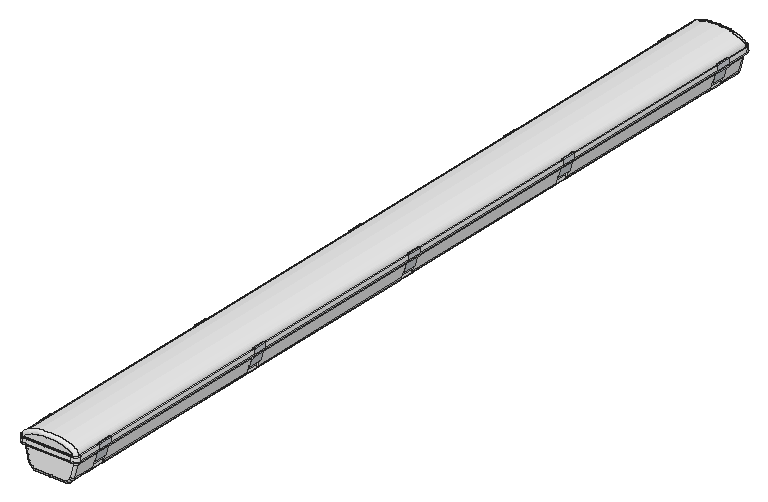
Revit family "0068084", category Lighting Fixtures, host Face, Revit 2017
Family settings
  Host = Face
  Round Connector Dimension = Use Diameter
  Part Type = Normal
  OmniClass Number = 23.80.70.11.14
  OmniClass Title = General Luminaries, Directional
  Cut with Voids When Loaded = Yes
  Light Source = Yes
  Shared = No
  Room Calculation Point = No
Parameters
  Width = 110 mm
  Weight = "2.49 kg"
  Wattage Comments = "n/a"
  Wattage = 63 W
  WarrantyStartDate [instance] = "n/a"
  WarrantyGuarantorParts = "n/a"
  WarrantyDurationUnit = "n/a"
  WarrantyDurationParts = "n/a"
  WarrantyDescription = "n/a"
  built-in parameter 1150110 = 1 (stored number, unit not read)
  Voltage = 230 V
  URL = "https://www.sylvania-lighting.com/"
  TypeName = "START WATERPROOF TWIN 1500 HO IP65 8300LM 840"
  Type Image = <None>
  Type Comments = "n/a"
  built-in parameter 1114217 = 1 (stored number, unit not read)
  Tilt Angle = -90.00°
  built-in parameter 1150109 = 1 (stored number, unit not read)
  built-in parameter 1150134 = 12
  built-in parameter 1150113 = 1 (stored number, unit not read)
  SerialNumber [instance] = "n/a"
  ReflectorMaterial = none
  PowerFactor = 0.9
  PowerConsumption = "67 W"
  Photometric Web File = "0068084.ies"
  NominalWidth = 0 mm
  NominalLength = 1578 mm
  NominalHeight = 78 mm
  Name = "START WATERPROOF TWIN 1500 HO IP65 8300LM 840"
  ModelReference = "START WATERPROOF TWIN 1500 HO IP65 8300LM 840"
  ModelNumber = "0048625"
  Model = "START WATERPROOF TWIN 1500 HO IP65 8300LM 840"
  Material = "polycarbonate housing, polycarbonate diffuser"
  ManufacturerName = "Feilo Sylvania"
  Manufacturer = "Feilo Sylvania"
  LuminousEfficacy = "124 lm/W"
  built-in parameter 1150105 = 621.66 (stored number, unit not read)
  Lumens = 7812 lm
  LuminaireType = "Weatherproof"
  built-in parameter 1150115 = 1 (stored number, unit not read)
  LightOutputRatio = "n/a"
  built-in parameter 1150137 = (empty or 0)
  built-in parameter 1150139 = (empty or 0)
  Length = 1572 mm
  LampsType = Lamp  # "LED"
  LampNominalLuminous = "8500 lm"
  LampMacAdamStep = "3"
  LampColourTemperature = "4000 K"
  LampColourRenderingIndex = "80"
  built-in parameter 1150112 = 1 (stored number, unit not read)
  built-in parameter 1150114 = 1 (stored number, unit not read)
  Lamp = "LED"
  Keynote = "16500"
  InstallationDate [instance] = "n/a"
  InputVoltage = "220-240V~"
  InputNominalFrequency = "50/60 Hz"
  built-in parameter 1150132 = (empty or 0)
  built-in parameter 1150102 = (empty or 0)
  built-in parameter 1150107 = 4000 (stored number, unit not read)
  built-in parameter 1150138 = (empty or 0)
  IngressProtection = "IP65"
  ImpactProtectionIndex = "IK08"
  built-in parameter 1150106 = 6.2166 (stored number, unit not read)
  IfcExportType = "IfcLightFixtureType"
  IfcExportAs = "IfcLightFixtureType"
  ExpectedLife = 50000
  Emit from Rectangle Width = Width - 20 mm  # 90 mm
  Emit from Rectangle Length = Length - 20 mm  # 1552 mm
  Emit Shape Visible in Rendering = no
  ElectricShockClassification = "Class I"
  built-in parameter 1150104 = 11.52 (stored number, unit not read)
  DurationUnit = "hours"
  DocumentationLiterature = "https://www.sylvania-lighting.com/product/en-int/products/0048625/"
  DimmingControlOptions = "Non dimmable"
  Dimming Lamp Color Temperature Shift = <None>
  DiffuserMaterial = Diffuser-Sylvania-Transparent
  Description = ""
  Default Elevation = 1219.2 mm
  CreatedOn = "11/9/2017"
  CreatedBy = ""
  Cost = 0
  Color Filter = 16777215
  built-in parameter 1114216 [instance] = (empty or 0)
  ClassificationValue = "EF_70_80"
  ClassificationName = "Uniclass2015"
  BodyMaterial = Body-Sylvania-Gray
  BarCode [instance] = "n/a"
  built-in parameter 1114218 = 1 (stored number, unit not read)
  built-in parameter 1150133 = 10 (stored number, unit not read)
  AssetType = "Fixed"
  AssetIdentifier [instance] = "n/a"
  Assembly Code = "D5020200"
  Apparent Load = 67 VA
  AccessoryMaterial = Diffuser-Sylvania-Glow
Reference planes
  plane 1 "Center (Front/Back)": y = 0
  plane 2: z = 0
  plane 3 "Center (Left/Right)": x = 0
  plane 4: z = 54
  plane 5: x = -27.7
  plane 6: x = -34.8
  plane 7: x = -39.6
  plane 8: x = -42.2
  plane 9: z = 3
  plane 10: z = 7.8
  plane 11: z = 12.3
  plane 12: z = 36.6
  plane 13: z = 42.8
  plane 14: x = -51.1
  plane 15: z = 46.2
  plane 16: x = -55
  plane 17: y = 786
  plane 18: y = -786
  plane 19: x = 27.7
  plane 20: x = 34.8
  plane 21: x = 39.6
  plane 22: x = 42.2
  plane 23: x = 51.1
  plane 24: x = 55
  plane 25: y = 778.4
  plane 26: y = -778.4
  plane 27: y = -774.7
  plane 28: y = 774.7
  plane 29: z = 74
  plane 30: x = -51.5
  plane 31: x = 51.5
  plane 32: z = 55.2
  plane 33: y = -782.5
  plane 34: y = 782.5
  plane 35: x = -37.5
  plane 36: x = 37.5
  plane 37: x = -48.7
  plane 38: x = 48.7
  plane 39: x = 18
  plane 40: x = -18
  plane 41: z = 50.2
  plane 42: z = 24.6
  plane 43: y = 720
  plane 44: y = 706
  plane 45: y = 734
  plane 46: y = -720
  plane 47: y = 720
  plane 48: y = 706
  plane 49: y = 734
  plane 50: y = -720
  plane 51: y = -734
  plane 52: y = -706
  plane 53: y = 360
  plane 54: y = 346
  plane 55: y = 374
  plane 56: y = 0
  plane 57: y = -14
  plane 58: y = 14
  plane 59: y = -360
  plane 60: y = -374
  plane 61: y = -346
Forms (mm)
  Sweep 1, solid, material "Body-Sylvania-Gray" <- "BodyMaterial", detail levels medium+fine
    path origin (1223.4, -4572, 54) x (0, -1, 0) y (1, 0, 0)
      loop
        arc (-3796, -1278.4) -> (-3788.929, -1275.471) -> (-3786, -1268.4) r 10
        line (-3786, -1268.4) -> (-3786, -1178.4)
        arc (-3786, -1178.4) -> (-3788.929, -1171.329) -> (-3796, -1168.4) r 10
        line (-3796, -1168.4) -> (-5348, -1168.4)
        arc (-5348, -1168.4) -> (-5355.071, -1171.329) -> (-5358, -1178.4) r 10
        line (-5358, -1178.4) -> (-5358, -1268.4)
        arc (-5358, -1268.4) -> (-5355.071, -1275.471) -> (-5348, -1278.4) r 10
        line (-5348, -1278.4) -> (-3796, -1278.4)
    profile origin (-55, 0, 54) x (-1, 0, 0) y (0, 0, 1)
      loop
        line (0, 0) -> (-1, 0) -> (-1, -7.726)
        arc (-1, -7.726) -> (-1.994, -9.498) -> (-3.9, -10.2) r 2.937
        line (-3.9, -10.2) -> (-8.571, -10.2) -> (-8.571, -11.2) -> (-3.9, -11.2)
        arc (-3.9, -11.2) -> (-1.313, -10.231) -> (0, -7.8) r 3.937
        line (0, -7.8) -> (0, 0)
  Sweep 2, solid, material "Body-Sylvania-Gray" <- "BodyMaterial", detail levels medium+fine
    path origin (0, 0, 0) x (1, 0, 0) y (0, 0, 1)
      loop
        line (48.7, 42.8) -> (48.7, 36.6) -> (42.203, 12.31)
        arc (42.203, 12.31) -> (41.199, 9.884) -> (39.6, 7.8) r 10.052
        line (39.6, 7.8) -> (34.8, 3)
        arc (34.8, 3) -> (31.554, 0.781) -> (27.7, 0) r 9.902
        line (27.7, 0) -> (0, 0) -> (-27.7, 0)
        arc (-27.7, 0) -> (-31.554, 0.781) -> (-34.8, 3) r 9.902
        line (-34.8, 3) -> (-39.6, 7.8)
        arc (-39.6, 7.8) -> (-41.199, 9.884) -> (-42.203, 12.31) r 10.052
        line (-42.203, 12.31) -> (-48.7, 36.6) -> (-48.7, 42.8)
    profile origin (0, 0, 0) x (0, 0, -1) y (0, -1, 0)
      loop
        arc (0, 773.4) -> (-1.464, 776.936) -> (-5, 778.4) r 5
        line (-5, 778.4) -> (-7.8, 778.4) -> (-7.8, -778.4) -> (-5, -778.4)
        arc (-5, -778.4) -> (-1.464, -776.936) -> (0, -773.4) r 5
        line (0, -773.4) -> (0, 773.4)
  Extrusion 3, solid, material "Body-Sylvania-Gray" <- "BodyMaterial", detail levels medium+fine
    sketch origin (1524, 778.4, 1219.2) x (1, 0, 0) y (0, 0, 1)
      loop
        arc (-1558.668, -1204.874) -> (-1558.443, -1205.418) -> (-1558.085, -1205.885) r 2.252
        line (-1558.085, -1205.885) -> (-1553.231, -1210.738)
        arc (-1553.231, -1210.738) -> (-1552.534, -1211.227) -> (-1551.7, -1211.4) r 2.102
        line (-1551.7, -1211.4) -> (-1496.3, -1211.4)
        arc (-1496.3, -1211.4) -> (-1495.466, -1211.227) -> (-1494.769, -1210.738) r 2.102
        line (-1494.769, -1210.738) -> (-1489.915, -1205.885)
        arc (-1489.915, -1205.885) -> (-1489.557, -1205.418) -> (-1489.332, -1204.874) r 2.252
        line (-1489.332, -1204.874) -> (-1483.1, -1181.575) -> (-1483.1, -1176.4) -> (-1564.9, -1176.4) -> (-1564.9, -1181.575) -> (-1558.668, -1204.874)
    from 0 to 1556.8
  Sweep 4, solid, material "Diffuser-Sylvania-Transparent" <- "DiffuserMaterial", detail levels medium+fine
    path origin (0, 0, 0) x (1, 0, 0) y (0, 0, 1)
      loop
        spline (-51.5, 55.2) -> (-49.745, 60.066) -> (-44.6, 64.6) -> (-36.416, 68.494) -> (-25.75, 71.481) -> (-13.329, 73.359) -> (0, 74) -> (13.329, 73.359) -> (25.75, 71.481) -> (36.416, 68.494) -> (44.6, 64.6) -> (49.745, 60.066) -> (51.5, 55.2)
    profile origin (51.5, 0, 55.2) x (0, -1, 0) y (1, 0, 0)
      loop
        arc (782.5, -5.5) -> (780.889, -1.611) -> (777, 0) r 5.5
        line (777, 0) -> (-777, 0)
        arc (-777, 0) -> (-780.889, -1.611) -> (-782.5, -5.5) r 5.5
        line (-782.5, -5.5) -> (-782.5, -6.3) -> (-781.5, -6.3) -> (-781.5, -5.5)
        arc (-781.5, -5.5) -> (-780.182, -2.318) -> (-777, -1) r 4.5
        line (-777, -1) -> (777, -1)
        arc (777, -1) -> (780.182, -2.318) -> (781.5, -5.5) r 4.5
        line (781.5, -5.5) -> (781.5, -6.347) -> (782.5, -6.347) -> (782.5, -5.5)
  Extrusion 5, solid, material "Diffuser-Sylvania-Transparent" <- "DiffuserMaterial", detail levels medium+fine
    sketch origin (1524, -782.5, 1219.2) x (1, 0, 0) y (0, 0, 1)
      loop
        line (-1569.653, -1164) -> (-1478.347, -1164)
        spline (-1478.347, -1164) -> (-1478.969, -1162.594) -> (-1482.527, -1159.545) -> (-1489.588, -1156.201) -> (-1499.458, -1153.445) -> (-1511.242, -1151.663) -> (-1524, -1151.049) -> (-1536.758, -1151.663) -> (-1548.542, -1153.445) -> (-1558.412, -1156.201) -> (-1565.473, -1159.545) -> (-1569.031, -1162.594) -> (-1569.653, -1164)
    from 0 to -1
  Extrusion 6, solid, material "Diffuser-Sylvania-Transparent" <- "DiffuserMaterial", detail levels medium+fine
    sketch origin (1524, 782.5, 1219.2) x (1, 0, 0) y (0, 0, 1)
      loop
        spline (-1478.3, -1164) -> (-1478.931, -1162.565) -> (-1482.502, -1159.505) -> (-1489.572, -1156.155) -> (-1499.446, -1153.394) -> (-1511.236, -1151.614) -> (-1524, -1151.007) -> (-1536.764, -1151.614) -> (-1548.554, -1153.394) -> (-1558.428, -1156.155) -> (-1565.498, -1159.505) -> (-1569.069, -1162.565) -> (-1569.7, -1164)
        line (-1569.7, -1164) -> (-1478.3, -1164)
    from 0 to 1
  Extrusion 7, solid, material "Diffuser-Sylvania-Transparent" <- "DiffuserMaterial", detail levels medium+fine
    sketch origin (1223.4, -4572, 55.2) x (0, -1, 0) y (-1, 0, 0)
      loop
        arc (-5353.5, 1177.4) -> (-5352.182, 1174.218) -> (-5349, 1172.9) r 4.5
        line (-5349, 1172.9) -> (-3795, 1172.9)
        arc (-3795, 1172.9) -> (-3791.818, 1174.218) -> (-3790.5, 1177.4) r 4.5
        line (-3790.5, 1177.4) -> (-3790.5, 1269.4)
        arc (-3790.5, 1269.4) -> (-3791.818, 1272.582) -> (-3795, 1273.9) r 4.5
        line (-3795, 1273.9) -> (-5349, 1273.9)
        arc (-5349, 1273.9) -> (-5352.182, 1272.582) -> (-5353.5, 1269.4) r 4.5
        line (-5353.5, 1269.4) -> (-5353.5, 1177.4)
      loop
        line (-5358, 1268.4) -> (-5358, 1178.4)
        arc (-5358, 1178.4) -> (-5355.071, 1171.329) -> (-5348, 1168.4) r 10
        line (-5348, 1168.4) -> (-3796, 1168.4)
        arc (-3796, 1168.4) -> (-3788.929, 1171.329) -> (-3786, 1178.4) r 10
        line (-3786, 1178.4) -> (-3786, 1268.4)
        arc (-3786, 1268.4) -> (-3788.929, 1275.471) -> (-3796, 1278.4) r 10
        line (-3796, 1278.4) -> (-5348, 1278.4)
        arc (-5348, 1278.4) -> (-5355.071, 1275.471) -> (-5358, 1268.4) r 10
    from 0 to 1.2
  Extrusion 8, solid, material "Diffuser-Sylvania-Glow" <- "AccessoryMaterial", detail levels fine
    sketch origin (0, 0, 0) x (1, 0, 0) y (0, 0, 1)
      loop
        circle (-18, 50.2) r 8
      loop
        circle (18, 50.2) r 8
    from -774.7 to 774.7
  Extrusion 9, void
    sketch origin (0, 720, 2343.807) x (0, 0, -1) y (-1, 0, 0)
      loop
        line (2340.807, -37.5) -> (2331.507, -37.5) -> (2319.207, -42.2) -> (2319.207, -48.7) -> (2340.807, -48.7) -> (2340.807, -37.5)
      loop
        line (2340.807, 37.5) -> (2340.807, 48.7) -> (2319.207, 48.7) -> (2319.207, 42.2) -> (2331.507, 37.5) -> (2340.807, 37.5)
    from -14 to 14
  Extrusion 10, solid, material "Body-Sylvania-Gray" <- "BodyMaterial", detail levels coarse
    sketch origin (0, 0, 0) x (1, 0, 0) y (0, 0, 1)
      loop
        line (55, 42.8) -> (55, 55.2) -> (-55, 55.2) -> (-55, 42.791) -> (-42.2, 0) -> (42.2, 0) -> (55, 42.8)
    from -786 to 786
  Extrusion 11, solid, material "Diffuser-Sylvania-Transparent" <- "DiffuserMaterial", detail levels coarse
    sketch origin (0, 0, 0) x (1, 0, 0) y (0, 0, 1)
      loop
        arc (51.5, 55.2) -> (0, 74) -> (-51.5, 55.2) r 79.939
        line (-51.5, 55.2) -> (51.5, 55.2)
    from 778.4 to -778.4
  Extrusion 12, void, not visible
    sketch origin (0, 720, 2343.807) x (0, 0, -1) y (-1, 0, 0)
      loop
        line (2340.807, -37.5) -> (2331.507, -37.5) -> (2319.207, -42.2) -> (2319.207, -48.7) -> (2340.807, -48.7) -> (2340.807, -37.5)
      loop
        line (2340.807, 37.5) -> (2340.807, 48.7) -> (2319.207, 48.7) -> (2319.207, 42.2) -> (2331.507, 37.5) -> (2340.807, 37.5)
    from -14 to 14
  Extrusion 13, void
    sketch origin (0, -720, 2343.807) x (0, 0, -1) y (-1, 0, 0)
      loop
        line (2340.807, -37.5) -> (2331.507, -37.5) -> (2319.207, -42.2) -> (2319.207, -48.7) -> (2340.807, -48.7) -> (2340.807, -37.5)
      loop
        line (2340.807, 37.5) -> (2340.807, 48.7) -> (2319.207, 48.7) -> (2319.207, 42.2) -> (2331.507, 37.5) -> (2340.807, 37.5)
    from -14 to 14
  Extrusion 14, void
    sketch origin (0, 360, 2343.807) x (0, 0, -1) y (-1, 0, 0)
      loop
        line (2340.807, -37.5) -> (2331.507, -37.5) -> (2319.207, -42.2) -> (2319.207, -48.7) -> (2340.807, -48.7) -> (2340.807, -37.5)
      loop
        line (2340.807, 37.5) -> (2340.807, 48.7) -> (2319.207, 48.7) -> (2319.207, 42.2) -> (2331.507, 37.5) -> (2340.807, 37.5)
    from -14 to 14
  Extrusion 15, void
    sketch origin (0, 0, 2343.807) x (0, 0, -1) y (-1, 0, 0)
      loop
        line (2340.807, -37.5) -> (2331.507, -37.5) -> (2319.207, -42.2) -> (2319.207, -48.7) -> (2340.807, -48.7) -> (2340.807, -37.5)
      loop
        line (2340.807, 37.5) -> (2340.807, 48.7) -> (2319.207, 48.7) -> (2319.207, 42.2) -> (2331.507, 37.5) -> (2340.807, 37.5)
    from -14 to 14
  Extrusion 16, void
    sketch origin (0, -360, 2343.807) x (0, 0, -1) y (-1, 0, 0)
      loop
        line (2340.807, -37.5) -> (2331.507, -37.5) -> (2319.207, -42.2) -> (2319.207, -48.7) -> (2340.807, -48.7) -> (2340.807, -37.5)
      loop
        line (2340.807, 37.5) -> (2340.807, 48.7) -> (2319.207, 48.7) -> (2319.207, 42.2) -> (2331.507, 37.5) -> (2340.807, 37.5)
    from -14 to 14
Cuts and joins
  Extrusion 9, Extrusion 13, Extrusion 14, Extrusion 15, Extrusion 16 cuts Sweep 2
  Extrusion 13, Extrusion 14, Extrusion 15, Extrusion 16 cuts Extrusion 3
  joined: Sweep 2, Extrusion 3
  joined: Sweep 4, Extrusion 5, Extrusion 6
Dimensions and locks
  locked: plane 4 to plane 2 at 54
  plane 5 to plane 6 to plane 7 to plane 8 to plane 14 to plane 16 = 7.1 mm locked, 4.8 mm locked, 2.6 mm locked, 8.9 mm, 3.9 mm
  plane 4 to plane 15 to plane 13 to plane 12 to plane 11 to plane 10 to plane 9 = 7.8 mm locked, 3.4 mm, 6.2 mm locked, 24.3 mm locked, 4.5 mm locked, 4.8 mm locked
  equal spacing: plane 18, plane 1 "Center (Front/Back)", plane 17
  "Length": plane 18 to plane 17
  plane 19 to plane 20 to plane 21 to plane 22 to plane 23 to plane 24 = 7.1 mm locked, 4.8 mm locked, 2.6 mm locked, 8.9 mm, 3.9 mm
  equal spacing: plane 24, plane 3 "Center (Left/Right)", plane 16
  "Width": plane 24 to plane 16
  equal spacing: plane 27, plane 1 "Center (Front/Back)", plane 28
  locked: plane 26 to plane 27 at 3.7
  locked: Sweep 1 sketch curve to profile plane at 1
  locked: Sweep 1 sketch curve to plane 13 at 1
  locked: Sweep 1 sketch curve to plane 13 at 3.937  (x2)
  locked: Sweep 1 sketch curve to profile plane at 3.9  (x2)
  locked: plane 29 to plane 4 at 20
  equal spacing: plane 31, plane 3 "Center (Left/Right)", plane 30
  locked: plane 30 to plane 16 at 3.5
  locked: plane 32 to plane 4 at 1.2
  equal spacing: plane 33, plane 1 "Center (Front/Back)", plane 34
  equal spacing: plane 36, plane 3 "Center (Left/Right)", plane 35
  locked: plane 3 "Center (Left/Right)" to plane 35 at 37.5
  locked: plane 34 to plane 17 at 3.5
  equal spacing: plane 38, plane 3 "Center (Left/Right)", plane 37
  locked: plane 37 to plane 16 at 6.3
  equal spacing: plane 25, plane 1 "Center (Front/Back)", plane 26
  locked: plane 17 to plane 25 at 7.6
  locked: Sweep 2 sketch curve to plane 2 at 5  (x2)
  locked: Sweep 2 sketch curve to plane 26 at 5
  locked: plane 25 to Sweep 2 sketch curve at 5
  locked: Sweep 4 sketch curve to plane 31 at 5.5  (x2)
  locked: Sweep 4 sketch curve to plane 34 at 5.5
  plane 33 to Sweep 4 sketch curve = 5.5 mm
  locked: plane 34 to Sweep 4 sketch curve at 1
  locked: Sweep 4 sketch curve to plane 31 at 1
  locked: Sweep 4 sketch curve to Sweep 4 sketch curve at 1
  locked: Sweep 4 sketch curve to plane 31 at 6.347
  locked: Sweep 4 sketch curve to plane 31 at 6.3
  equal spacing: plane 39, plane 3 "Center (Left/Right)", plane 40
  locked: plane 3 "Center (Left/Right)" to plane 40 at 18
  locked: plane 42 to plane 2 at 24.6
  plane 45 to plane 43 to plane 44 = 14 mm locked, 14 mm locked
  locked: plane 17 to plane 43 at 66
  equal spacing: plane 43, plane 1 "Center (Front/Back)", plane 46
  plane 49 to plane 47 to plane 48 = 14 mm locked, 14 mm locked
  plane 52 to plane 50 to plane 51 = 14 mm locked, 14 mm locked  (x2)
  equal spacing: group 1, group 6, group 7, group 8, group 5  (x2)
  equal spacing: group 5, group 8, group 7, group 6, group 1
  plane 55 to plane 53 to plane 54 = 14 mm locked, 14 mm locked  (x2)
  plane 58 to plane 56 to plane 57 = 14 mm locked, 14 mm locked  (x2)
  plane 61 to plane 59 to plane 60 = 14 mm locked, 14 mm locked  (x2)
  plane 43 to plane 53 to plane 1 "Center (Front/Back)" to plane 59 to plane 50 = 360 mm locked, 360 mm locked, 360 mm locked, 360 mm locked
  aligned and locked: plane 2 to host face
  aligned and locked: level to host face
  aligned and locked: plane 16 to Sweep 1 sketch curve
  aligned and locked: Sweep 1 sketch curve to plane 24
  aligned and locked: plane 18 to Sweep 1 sketch curve
  aligned and locked: Sweep 1 sketch curve to plane 13
  aligned and locked: profile plane to Sweep 1 sketch curve
  aligned and locked: plane 3 "Center (Left/Right)" to Sweep 2 sketch curve
  aligned and locked: plane 9 to Sweep 2 sketch curve
  aligned and locked: plane 10 to Sweep 2 sketch curve
  aligned and locked: plane 37 to Sweep 2 sketch curve
  aligned and locked: plane 12 to Sweep 2 sketch curve
  aligned and locked: Sweep 2 sketch curve to level
  aligned and locked: plane 21 to Sweep 2 sketch curve
  aligned and locked: plane 38 to Sweep 2 sketch curve
  aligned and locked: profile plane to Sweep 2 sketch curve
  aligned and locked: plane 25 to Sweep 2 sketch curve
  aligned and locked: Sweep 2 sketch curve to plane 10
  aligned and locked: Extrusion 3 sketch curve to Sweep 2  (x7)
  aligned and locked: Sweep 2 to Extrusion 3 sketch curve
  aligned and locked: Extrusion 3 to plane 25
  aligned and locked: plane 26 to Extrusion 3
  aligned and locked: plane 32 to Sweep 4 sketch curve
  aligned and locked: plane 33 to Sweep 4 sketch curve
  aligned and locked: Sweep 4 to Extrusion 5
  aligned and locked: plane 33 to Extrusion 5
  aligned and locked: Extrusion 5 sketch curve to Sweep 4
  aligned and locked: cut or joined group of Sweep 4, Extrusion 5, Extrusion 6 to Extrusion 6 sketch curve
  aligned and locked: Extrusion 7 sketch curve to cut or joined group of Sweep 4, Extrusion 5, Extrusion 6  (x2)
  aligned and locked: cut or joined group of Sweep 4, Extrusion 5, Extrusion 6 to Extrusion 7 sketch curve  (x2)
  aligned and locked: plane 41 to Extrusion 8 sketch curve  (x2)
  aligned and locked: plane 39 to Extrusion 8 sketch curve
  aligned and locked: plane 27 to Extrusion 8
  aligned and locked: Extrusion 8 to plane 28
  aligned and locked: Extrusion 9 to plane 42
  aligned and locked: plane 9 to Extrusion 9
  aligned and locked: plane 44 to Extrusion 9
  aligned and locked: Extrusion 9 to plane 45
  aligned and locked: Extrusion 7 sketch curve to Sweep 1  (x4)
  aligned and locked: plane 4 to Extrusion 7
  aligned and locked: Extrusion 7 to plane 32
  aligned and locked: nested 2 to plane 43
  aligned and locked: plane 43 to nested 1
  aligned and locked: Extrusion 10 sketch curve to plane 24
  aligned and locked: Extrusion 10 sketch curve to Extrusion 7
  aligned and locked: plane 8 to Extrusion 10 sketch curve
  aligned and locked: plane 22 to Extrusion 10 sketch curve
  aligned and locked: level to Extrusion 10 sketch curve
  aligned and locked: Extrusion 10 to plane 17
  aligned and locked: plane 18 to Extrusion 10
  aligned and locked: cut or joined group of Sweep 4, Extrusion 5, Extrusion 6 to Extrusion 11 sketch curve
  aligned and locked: Extrusion 11 sketch curve to cut or joined group of Sweep 4, Extrusion 5, Extrusion 6  (x2)
  aligned and locked: plane 31 to Extrusion 11 sketch curve
  aligned and locked: plane 30 to Extrusion 11 sketch curve
  aligned and locked: plane 26 to Extrusion 11
  aligned and locked: Extrusion 11 to plane 25
  aligned and locked: imposter light to plane 29
  aligned and locked: plane 3 "Center (Left/Right)" to imposter light
  aligned and locked: plane 1 "Center (Front/Back)" to imposter light
  aligned and locked: plane 51 to Extrusion 13
  aligned and locked: Extrusion 13 to plane 52
  aligned and locked: plane 54 to Extrusion 14
  aligned and locked: Extrusion 14 to plane 55
  aligned and locked: plane 57 to Extrusion 15
  aligned and locked: Extrusion 15 to plane 58
  aligned and locked: plane 60 to Extrusion 16
  aligned and locked: Extrusion 16 to plane 61
  aligned and locked: nested 3 to plane 53
  aligned and locked: plane 53 to nested 10
  aligned and locked: nested 4 to plane 56
  aligned and locked: plane 56 to nested 9
  aligned and locked: nested 5 to plane 59
  aligned and locked: plane 59 to nested 8
  aligned and locked: nested 6 to plane 50
  aligned and locked: plane 50 to nested 7
Automatic sketch dimensions
  host sketch curve to host sketch curve = 2438.4 mm  (x2)
  plane 17 to Sweep 1 sketch curve = 0 mm
  Sweep 1 sketch curve to plane 28 = 1.3 mm
  Sweep 1 sketch curve to plane 7 = 5.4 mm
  plane 27 to Sweep 1 sketch curve = 1.3 mm  (x2)
  Sweep 1 sketch curve to Sweep 1 sketch curve = 4.671 mm
  Sweep 1 sketch curve to plane 4 = 0 mm
  Sweep 2 sketch curve to plane 7 = 0 mm
  Sweep 2 sketch curve to plane 6 = 0 mm
  Sweep 2 sketch curve to plane 5 = 0 mm
  plane 19 to Sweep 2 sketch curve = 0 mm
  Sweep 2 sketch curve to plane 9 = 0 mm
  plane 20 to Sweep 2 sketch curve = 0 mm
  Sweep 2 sketch curve to plane 12 = 0 mm
  Sweep 2 sketch curve to plane 10 = 0 mm
  Sweep 2 sketch curve to plane 13 = 0 mm  (x2)
  Sweep 2 sketch curve to plane 8 = 0.003 mm
  plane 6 to Sweep 2 sketch curve = 2.308 mm
  plane 20 to Sweep 2 sketch curve = 2.308 mm
  Sweep 2 sketch curve to plane 22 = 0.003 mm
  Sweep 2 sketch curve to plane 11 = 0.01 mm  (x2)
  Extrusion 3 sketch curve to plane 5 = 0 mm
  plane 19 to Extrusion 3 sketch curve = 0 mm
  plane 6 to Extrusion 3 sketch curve = 0.132 mm
  plane 6 to Extrusion 3 sketch curve = 0.715 mm
  Extrusion 3 sketch curve to Extrusion 3 sketch curve = 1.592 mm
  Extrusion 3 sketch curve to plane 10 = 0.662 mm  (x2)
  plane 20 to Extrusion 3 sketch curve = 2.308 mm
  plane 20 to Extrusion 3 sketch curve = 0.715 mm
  plane 20 to Extrusion 3 sketch curve = 0.132 mm
  Sweep 4 sketch curve to plane 30 = 0 mm
  Sweep 4 sketch curve to plane 3 "Center (Left/Right)" = 0 mm
  Sweep 4 sketch curve to Sweep 4 sketch curve = 0 mm  (x2)
  plane 37 to Extrusion 5 sketch curve = 3.047 mm
  Extrusion 5 sketch curve to plane 38 = 3.047 mm
  plane 37 to Extrusion 6 sketch curve = 3 mm
  Extrusion 6 sketch curve to plane 38 = 3 mm
  plane 25 to Extrusion 7 sketch curve = 1.4 mm  (x2)
  Extrusion 7 sketch curve to plane 26 = 1.4 mm  (x2)
  Extrusion 8 sketch curve to plane 40 = 0 mm
  Extrusion 9 sketch curve to Extrusion 9 sketch curve = 0 mm
  Extrusion 9 sketch curve to Extrusion 9 sketch curve = 12.3 mm  (x2)
  Extrusion 9 sketch curve to Extrusion 9 sketch curve = 9.3 mm  (x2)
  Extrusion 9 sketch curve to Extrusion 9 sketch curve = 6.5 mm
  Extrusion 9 sketch curve to Extrusion 9 sketch curve = 4.7 mm  (x2)
  Extrusion 9 sketch curve to Extrusion 9 sketch curve = 75 mm
  Extrusion 9 sketch curve to Extrusion 9 sketch curve = 11.2 mm
  Extrusion 10 sketch curve to plane 13 = 0 mm
  plane 13 to Extrusion 10 sketch curve = 0.009 mm
  Extrusion 11 sketch curve to level = 5.939 mm
  Extrusion 10 sketch curve to plane 16 = 0 mm
  Extrusion 12 sketch curve to Extrusion 12 sketch curve = 0 mm
  Extrusion 12 sketch curve to Extrusion 12 sketch curve = 12.3 mm  (x2)
  Extrusion 12 sketch curve to Extrusion 12 sketch curve = 9.3 mm  (x2)
  Extrusion 12 sketch curve to Extrusion 12 sketch curve = 6.5 mm
  Extrusion 12 sketch curve to Extrusion 12 sketch curve = 4.7 mm  (x2)
  Extrusion 12 sketch curve to Extrusion 12 sketch curve = 75 mm
  Extrusion 12 sketch curve to Extrusion 12 sketch curve = 11.2 mm
  Extrusion 13 sketch curve to Extrusion 13 sketch curve = 0 mm
  Extrusion 13 sketch curve to Extrusion 13 sketch curve = 12.3 mm  (x2)
  Extrusion 13 sketch curve to Extrusion 13 sketch curve = 9.3 mm  (x2)
  Extrusion 13 sketch curve to Extrusion 13 sketch curve = 6.5 mm
  Extrusion 13 sketch curve to Extrusion 13 sketch curve = 4.7 mm  (x2)
  Extrusion 13 sketch curve to Extrusion 13 sketch curve = 75 mm
  Extrusion 13 sketch curve to Extrusion 13 sketch curve = 11.2 mm
  Extrusion 14 sketch curve to Extrusion 14 sketch curve = 0 mm
  Extrusion 14 sketch curve to Extrusion 14 sketch curve = 12.3 mm  (x2)
  Extrusion 14 sketch curve to Extrusion 14 sketch curve = 9.3 mm  (x2)
  Extrusion 14 sketch curve to Extrusion 14 sketch curve = 6.5 mm
  Extrusion 14 sketch curve to Extrusion 14 sketch curve = 4.7 mm  (x2)
  Extrusion 14 sketch curve to Extrusion 14 sketch curve = 75 mm
  Extrusion 14 sketch curve to Extrusion 14 sketch curve = 11.2 mm
  Extrusion 15 sketch curve to Extrusion 15 sketch curve = 0 mm
  Extrusion 15 sketch curve to Extrusion 15 sketch curve = 12.3 mm  (x2)
  Extrusion 15 sketch curve to Extrusion 15 sketch curve = 9.3 mm  (x2)
  Extrusion 15 sketch curve to Extrusion 15 sketch curve = 6.5 mm
  Extrusion 15 sketch curve to Extrusion 15 sketch curve = 4.7 mm  (x2)
  Extrusion 15 sketch curve to Extrusion 15 sketch curve = 75 mm
  Extrusion 15 sketch curve to Extrusion 15 sketch curve = 11.2 mm
  Extrusion 16 sketch curve to Extrusion 16 sketch curve = 0 mm
  Extrusion 16 sketch curve to Extrusion 16 sketch curve = 12.3 mm  (x2)
  Extrusion 16 sketch curve to Extrusion 16 sketch curve = 9.3 mm  (x2)
  Extrusion 16 sketch curve to Extrusion 16 sketch curve = 6.5 mm
  Extrusion 16 sketch curve to Extrusion 16 sketch curve = 4.7 mm  (x2)
  Extrusion 16 sketch curve to Extrusion 16 sketch curve = 75 mm
  Extrusion 16 sketch curve to Extrusion 16 sketch curve = 11.2 mm
  radius of Extrusion 8 sketch curve = 8 mm  (x2)
Nested families
  nested 1: "Clip" at (42.2, 720, 24.6), type "Clip", detail levels fine
  nested 2: "Clip" at (-42.2, 720, 24.6) x (-1, 0, 0) z (0, 0, 1), type "Clip", detail levels fine
  nested 3: "Clip" at (-42.2, 360, 24.6) x (-1, 0, 0) z (0, 0, 1), type "Clip", detail levels fine
  nested 4: "Clip" at (-42.2, 0, 24.6) x (-1, 0, 0) z (0, 0, 1), type "Clip", detail levels fine
  nested 5: "Clip" at (-42.2, -360, 24.6) x (-1, 0, 0) z (0, 0, 1), type "Clip", detail levels fine
  nested 6: "Clip" at (-42.2, -720, 24.6) x (-1, 0, 0) z (0, 0, 1), type "Clip", detail levels fine
  nested 7: "Clip" at (42.2, -720, 24.6), type "Clip", detail levels fine
  nested 8: "Clip" at (42.2, -360, 24.6), type "Clip", detail levels fine
  nested 9: "Clip" at (42.2, 0, 24.6), type "Clip", detail levels fine
  nested 10: "Clip" at (42.2, 360, 24.6), type "Clip", detail levels fine
Connectors
  electrical at (0, 0, 0), driven by "Apparent Load"
    settings: index 1, voltage 230 V, apparent load 67 VA, apparent load phase1 0 VA, apparent load phase2 0 VA, apparent load phase3 0 VA, power factor 0, load classification "Lighting", number of poles 1, system type 30, power factor state 1, is connector primary yes, connector utility no, sub classification motor no, connector description ""
Definition of nested family "Clip"
  Parameters (values of type "Clip")
    URL = "http://www.feilosylvania.com"
    Type Comments = "n/a"
    Model = "n/a"
    Manufacturer = "Feilo Sylvania"
    Keynote = "n/a"
    Description = "n/a"
    Default Elevation = 1219.2 mm
    Cost = 0
    BodyMaterial = none
    Assembly Code = "n/a"
  Reference planes
    plane 1 "Center (Front/Back)": y = 0
    plane 2: z = 0
    plane 3 "Center (Left/Right)": x = 0
    plane 4: x = 3.3
    plane 5: x = 6.5
    plane 6: x = 8.9
    plane 7: x = 12.8
    plane 8: z = 12
    plane 9: z = 18.2
    plane 10: z = 21.6
    plane 11: z = 30.6
    plane 12: x = 9.3
    plane 13: z = 19.2
    plane 14: z = 16.2
    plane 15: x = 10.1
    plane 16: y = 12
    plane 17: y = -12
  Forms (mm)
    Extrusion 1, solid
      sketch origin (-0.8, 0, 0) x (1, 0, 0) y (0, 1, 0)
        loop
          line (-1219.2, 1219.2) -> (-1219.2, -1219.2) -> (1219.2, -1219.2) -> (1219.2, 1219.2) -> (-1219.2, 1219.2)
      from 0 to -304.8
    Extrusion 2, solid
      sketch origin (0, 0, 0) x (1, 0, 0) y (0, 0, 1)
        loop
          line (8.9, 16.2) -> (4.58, 0) -> (0, 0) -> (0, -0.8) -> (5.195, -0.8) -> (9.603, 15.731) -> (13.6, 18.806) -> (13.6, 30.6)
          arc (13.6, 30.6) -> (11.45, 32.75) -> (9.3, 30.6) r 2.15
          line (9.3, 30.6) -> (10.1, 30.6)
          arc (10.1, 30.6) -> (11.45, 31.95) -> (12.8, 30.6) r 1.35
          line (12.8, 30.6) -> (12.8, 19.2) -> (8.9, 16.2)
      from -12 to 12
  Lines and regions (mm)
    reference lines
      curve 1: line (3.3, 0, 0) -> (6.5, 0, 12)
      curve 2: arc (8.9, 0, 18.2) -> (11.488, 0, 19.169) -> (12.8, 0, 21.6) r 3.934
  Dimensions and locks
    plane 7 to plane 6 to plane 5 to plane 4 to plane 3 "Center (Left/Right)" = 3.9 mm locked, 2.4 mm locked, 3.2 mm locked, 3.3 mm locked
    plane 11 to plane 10 to plane 9 to plane 8 to plane 2 = 9 mm locked, 3.4 mm locked, 6.2 mm locked, 12 mm locked
    locked: plane 7 to plane 12 at 3.5
    locked: plane 13 to plane 9 at 1
    locked: plane 9 to plane 14 at 2
    locked: plane 15 to plane 12 at 0.8
    locked: plane 2 to Extrusion 2 sketch curve at 0.8
    locked: Extrusion 2 sketch curve to Extrusion 2 sketch curve at 0.8  (x3)
    locked: plane 7 to Extrusion 2 sketch curve at 1.35
    equal spacing: plane 17, plane 1 "Center (Front/Back)", plane 16
    locked: plane 1 "Center (Front/Back)" to plane 16 at 12
    aligned and locked: plane 2 to Extrusion 1
    aligned and locked: level to Extrusion 1
    aligned and locked: plane 4 to curve 1
    aligned and locked: plane 5 to curve 1
    aligned and locked: plane 6 to curve 2
    aligned and locked: plane 10 to curve 2
    aligned and locked: plane 14 to Extrusion 2 sketch curve
    aligned and locked: plane 13 to Extrusion 2 sketch curve
    aligned and locked: plane 7 to Extrusion 2 sketch curve
    aligned and locked: plane 3 "Center (Left/Right)" to Extrusion 2 sketch curve
    aligned and locked: Extrusion 2 sketch curve to level
    aligned and locked: Extrusion 2 sketch curve to plane 11
    aligned and locked: plane 11 to Extrusion 2 sketch curve
    aligned and locked: Extrusion 2 to plane 16
    aligned and locked: plane 17 to Extrusion 2
  Automatic sketch dimensions
    Extrusion 1 sketch curve to Extrusion 1 sketch curve = 2438.4 mm  (x2)
    curve 2 to plane 7 = 0 mm
    curve 1 to level = 0 mm
    curve 1 to plane 8 = 0 mm
    curve 2 to plane 9 = 0 mm
    plane 6 to curve 2 = 0.002 mm
    Extrusion 2 sketch curve to Extrusion 2 sketch curve = 0 mm
    Extrusion 2 sketch curve to plane 6 = 0 mm
    plane 4 to Extrusion 2 sketch curve = 1.28 mm
